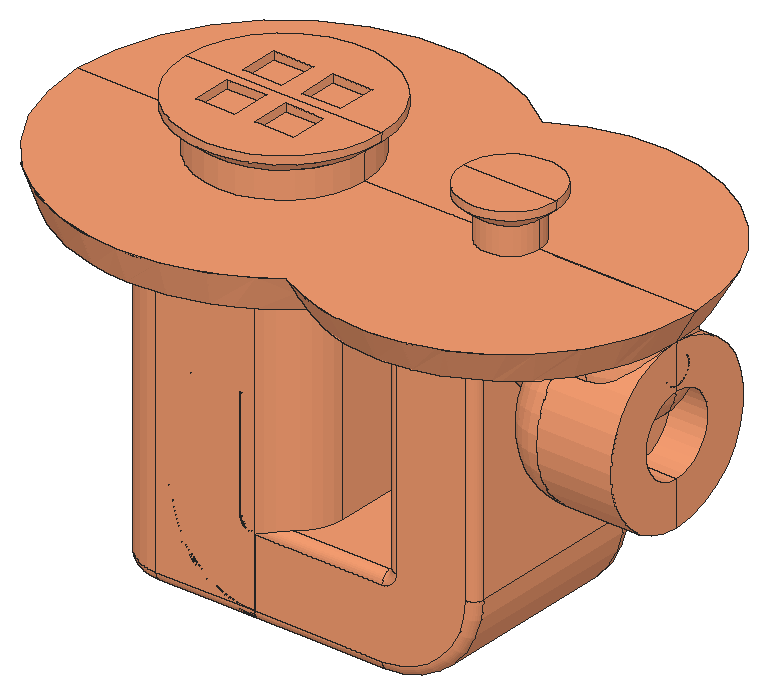
Revit family "Drain_Floor-JayR.Smith-Round_Type-2040-2041_Series", category Plumbing Fixtures, Revit 2019
Family settings
  Round Connector Dimension = Use Diameter
  Part Type = Normal
  OmniClass Number = 23.70.50.21.24.11
  OmniClass Title = Roof Waste Water Drains
  Work Plane-Based = Yes
  Always vertical = No
  Cut with Voids When Loaded = No
  Shared = Yes
  Room Calculation Point = No
Parameters (values of type "2040T02")
  Waste Connection = yes
  Vent Connection = no
  URL = "http://www.jrsmith.com"
  U - Vandal Proof Screw = no
  Type Comments = "DEEP TRAP WITH FLOOR CLEANOUT - SIDE OUTLET"  # constant formula
  Trap Primer Connection -P050 = no
  Radius 3 = 0.86404"
  Radius 2 = 1 1/4"
  Radius 1 = 1 1/8"
  R1 = 1/4"
  Product Page URL = "https://www.jrsmith.com/2020-floor-drains-adjustable-strainer-heads"
  Product Documentation Link = "https://www.jrsmith.com/uploads/fileLibrary/d2020.pdf"
  PB - Polished Bronze Strainer = no
  Offset 1 = 1 51/128"  # constant formula
  NB - Nickel Bronze Strainer = no
  Model = "2040T02"
  Material = "Cast Iron-Jay R Smith-Duco Coated"  # constant formula
  Manufacturer = "Jay R. Smith"  # constant formula
  MIN-X-MAX constraint = if([MIN-X-MAX] < 1 1/4", 1 1/4", if([MIN-X-MAX] > 2 1/2", 2 1/2", [MIN-X-MAX]))  # 1 1/4"
  MIN-X-MAX = 1 1/4"
  Low Auxiliary Inlet -NL = no
  Load Rating = "Light Duty having a Safe Live (Static) Load less than 2,000 lbs. (900 kg) per ASME A112.6.3 Floor Drain Standard"
  Installation Type = "Roof"
  High Auxiliary Inlet -NH = no
  HW Connection = no
  H - Hinged Grate = no
  G - Galvanized Cast Iron = no
  Finish = Cast Iron-Jay R Smith-Duco Coated
  Diameter = B  # 5"
  Description = "Floor Drains With Adjustable Strainer Heads and Varying Trap Options"  # constant formula
  Default Elevation = 0"
  Creation Date = "04/25/2023"  # constant formula
  Control 1 Length = 3"
  Connection Size = A  # 2"
  Connection Radius = Connection Size / 2  # 1"
  Connection Description = "2\" Threaded Outlet Connection"
  CW Connection = no
  CP - Chrome Plated Strainer = no
  Ball Float Backwater Valve -BFV = no
  BB-Bronze Body = no
  B - Sediment Bucket = no
  B = 5"
  Assembly Code = "D2040200"
  A = 2"
  "T" if Threaded and "S" if Spigot = 10"
Types (7): name | Radius 2 | Radius 1 | R1 | Model | MIN-X-MAX constraint | MIN-X-MAX | Diameter | Control 1 Length | Connection Size | Connection Radius | Connection Description | B | A | "T" if Threaded and "S" if Spigot
  (no name) | 1 1/4" | 1 1/8" | 1/4" | "2040T02" | 1 1/4" | 1 1/4" | 5" | 3" | 2" | 1" | "2\" Threaded Outlet Connection" | 5" | 2" | 10"
  2040T02 | 1 1/4" | 1 1/8" | 1/4" | "2040T02" | 1 1/4" | 1 1/4" | 5" | 3" | 2" | 1" | "2\" Threaded Outlet Connection" | 5" | 2" | 10"
  2040T03 | 1 1/2" | 1 1/4" | 1/4" | "2040T03" | 1 1/4" | 1 1/4" | 6" | 3" | 3" | 1 1/2" | "3\" Threaded Outlet Connection" | 6" | 3" | 10"
  2040T04 | 1 1/2" | 1 1/4" | 1" | "2040T04" | 1 1/2" | 1 1/2" | 8" | 3" | 4" | 2" | "4\" Threaded Outlet Connection" | 8" | 4" | 10"
  2041S02 | 1 1/4" | 1 1/8" | 1/4" | "2041S02" | 1 1/4" | 1 1/4" | 5" | 2 1/2" | 2" | 1" | "2\" Spigot Outlet Connection" | 5" | 2" | 13 3/4"
  2041S03 | 1 1/2" | 1 1/4" | 1/4" | "2041S03" | 1 1/4" | 1 1/4" | 6" | 2 1/2" | 3" | 1 1/2" | "3\" Spigot Outlet Connection" | 6" | 3" | 13 3/4"
  2041S04 | 1 3/4" | 1 1/4" | 1/4" | "2041S04" | 1 1/2" | 1 1/2" | 8" | 2 1/2" | 4" | 2" | "4\" Spigot Outlet Connection" | 8" | 4" | 13 3/4"
Reference planes (in)
  plane 1 "Center (Front/Back)": y = 0
  plane 2: z = 0
  plane 3 "Center (Left/Right)": x = 0
  plane 4: x = -2.5
  plane 5: x = 2.5
  plane 6: x = 5
  plane 7: x = 10
  plane 8: x = 10
  plane 9: z = -4.25
  plane 10: z = -10.5
  plane 11: z = -3.25
  plane 12: z = -5.25
  plane 13: z = -1.25
  plane 14: z = -9.375
  plane 15: z = -8.25
  plane 16: z = -2.75
  plane 17: x = 5.75
  plane 18: x = -5.25
  plane 19: y = -2.5
  plane 20: y = 2.5
  plane 21: y = 2.5
  plane 22: y = -2.5
Forms (in)
  Revolve 1, solid, material "Cast Iron-Jay R Smith-Duco Coated" <- "Finish"
    sketch origin (0, 0, 0) x (1, 0, 0) y (0, 0, 1)
      loop
        line (0, 0) -> (-2.5, 0) -> (-2.5, -0.2025) -> (-2.06591, -0.56149) -> (-2.06591, -1.25) -> (-5.24997, -1.25) -> (-4.92826, -2.13388) -> (0, -2.13388) -> (0, 0)
      axis (0, 0) -> (0, -2.13388)
    angle from 0 to 360
  Extrusion 2, void
    sketch origin (0, 0, 0) x (1, 0, 0) y (0, 1, 0)
      loop
        line (-1.25, 1.25) -> (-1.25, 0.25) -> (-0.25, 0.25) -> (-0.25, 1.25) -> (-1.25, 1.25)
      loop
        line (1.25, 1.25) -> (0.25, 1.25) -> (0.25, 0.25) -> (1.25, 0.25) -> (1.25, 1.25)
      loop
        line (-1.25, -1.25) -> (-0.25, -1.25) -> (-0.25, -0.25) -> (-1.25, -0.25) -> (-1.25, -1.25)
      loop
        line (1.25, -1.25) -> (1.25, -0.25) -> (0.25, -0.25) -> (0.25, -1.25) -> (1.25, -1.25)
    from -0.2025 to 0
  Revolve 3, solid, material "Cast Iron-Jay R Smith-Duco Coated" <- "Finish"
    sketch origin (0, 0, 0) x (1, 0, 0) y (0, 0, 1)
      loop
        arc (8.125, -2.13388) -> (7.3295, -2.46339) -> (7, -3.25888) r 1.125
        line (7, -3.25888) -> (7, -4.25) -> (10, -4.25) -> (10, -2.13388) -> (8.125, -2.13388)
      axis (7, -4.25) -> (10, -4.25)
    angle from 0 to 360
  Revolve 4, solid, material "Cast Iron-Jay R Smith-Duco Coated" <- "Finish"
    sketch origin (5.75, 0, 0) x (1, 0, 0) y (0, 0, 1)
      loop
        line (0, 0) -> (-1.18409, 0) -> (-1.18409, -0.2025) -> (-0.75, -0.56149) -> (-0.75, -1.25) -> (-4.75, -1.25) -> (-4.25, -2.13388) -> (0, -2.13388) -> (0, 0)
      axis (0, 0) -> (0, -2.13388)
    angle from 0 to 360
  Revolve 5, solid, material "Cast Iron-Jay R Smith-Duco Coated" <- "Finish"
    sketch origin (0, 0, 0) x (1, 0, 0) y (0, 0, 1)
      loop
        line (8.875, -1.25) -> (6.875, -1.25)
        arc (6.875, -1.25) -> (6.0795, -1.5795) -> (5.75, -2.375) r 1.125
        line (5.75, -2.375) -> (5.75, -2.75) -> (10, -2.75) -> (10, -2.375)
        arc (10, -2.375) -> (9.6705, -1.5795) -> (8.875, -1.25) r 1.125
      axis (10, -2.75) -> (5.75, -2.75)
    angle from 0 to 360
  Sweep 6, solid, material "Cast Iron-Jay R Smith-Duco Coated" <- "Finish"
    path origin (0, 0, 0) x (1, 0, 0) y (0, 0, 1)
      loop
        line (5.75, -2.13388) -> (5.75, -8.125)
        arc (5.75, -8.125) -> (5.38388, -9.00888) -> (4.5, -9.375) r 1.25
        line (4.5, -9.375) -> (1.25, -9.375)
        arc (1.25, -9.375) -> (0.36612, -9.00888) -> (0, -8.125) r 1.25
        line (0, -8.125) -> (0, -5.375)
    profile origin (5.75, 0, -5.12944) x (0, -1, 0) y (1, 0, 0)
      loop
        arc (-2.5, -0.875) -> (-2.42678, -1.05178) -> (-2.25, -1.125) r 0.25
        line (-2.25, -1.125) -> (2.25, -1.125)
        arc (2.25, -1.125) -> (2.42678, -1.05178) -> (2.5, -0.875) r 0.25
        line (2.5, -0.875) -> (2.5, 0.875)
        arc (2.5, 0.875) -> (2.42678, 1.05178) -> (2.25, 1.125) r 0.25
        line (2.25, 1.125) -> (-2.25, 1.125)
        arc (-2.25, 1.125) -> (-2.42678, 1.05178) -> (-2.5, 0.875) r 0.25
        line (-2.5, 0.875) -> (-2.5, -0.875)
  Sweep 7, solid, material "Cast Iron-Jay R Smith-Duco Coated" <- "Finish"
    path origin (0, 0, 0) x (1, 0, 0) y (0, 1, 0)
      loop
        arc (-2.5, -1.25) -> (-2.13388, -2.13388) -> (-1.25, -2.5) r 1.25
        line (-1.25, -2.5) -> (1.25, -2.5)
        arc (1.25, -2.5) -> (2.13388, -2.13388) -> (2.5, -1.25) r 1.25
        line (2.5, -1.25) -> (2.5, 1.25)
        arc (2.5, 1.25) -> (2.13388, 2.13388) -> (1.25, 2.5) r 1.25
        line (1.25, 2.5) -> (-1.25, 2.5)
        arc (-1.25, 2.5) -> (-2.13388, 2.13388) -> (-2.5, 1.25) r 1.25
        line (-2.5, 1.25) -> (-2.5, -1.25)
    profile origin (-2.5, 0, 0) x (-1, 0, 0) y (0, 0, 1)
      loop
        line (0, -2.13388) -> (-0.25, -2.13388) -> (-0.25, -10.21875) -> (-0.25, -10.5)
        arc (-0.25, -10.5) -> (-0.07322, -10.42678) -> (0, -10.25) r 0.25
        line (0, -10.25) -> (0, -2.13388)
  Extrusion 8, solid, material "Cast Iron-Jay R Smith-Duco Coated" <- "Finish"
    sketch origin (0, 0, 0) x (1, 0, 0) y (0, 1, 0)
      loop
        line (-2.25, 1.25) -> (-2.25, -1.25)
        arc (-2.25, -1.25) -> (-1.95711, -1.95711) -> (-1.25, -2.25) r 1
        line (-1.25, -2.25) -> (1.25, -2.25)
        arc (1.25, -2.25) -> (1.95711, -1.95711) -> (2.25, -1.25) r 1
        line (2.25, -1.25) -> (2.25, 1.25)
        arc (2.25, 1.25) -> (1.95711, 1.95711) -> (1.25, 2.25) r 1
        line (1.25, 2.25) -> (-1.25, 2.25)
        arc (-1.25, 2.25) -> (-1.95711, 1.95711) -> (-2.25, 1.25) r 1
    from -10.5 to -3.25
  Revolve 9, void
    sketch origin (0, 0, 0) x (1, 0, 0) y (0, 0, 1)
      loop
        line (10, -4.25) -> (10, -3.25) -> (9, -3.25) -> (9, -4.25) -> (10, -4.25)
      axis (10, -4.25) -> (9, -4.25)
    angle from 0 to 360
Cuts and joins
  Extrusion 2 cuts Revolve 1
  joined: Revolve 1, Revolve 4
  Revolve 9 cuts Revolve 3
Dimensions and locks (in)
  equal spacing: plane 5, plane 3 "Center (Left/Right)", plane 4
  "B": plane 5 to plane 4
  locked: plane 6 to plane 3 "Center (Left/Right)" at 5
  locked: plane 7 to plane 3 "Center (Left/Right)" at 10
  ""T" if Threaded and "S" if Spigot": plane 8 to plane 3 "Center (Left/Right)"
  locked: plane 9 to plane 10 at 6.25
  equal spacing: plane 11, plane 9, plane 12
  "A": plane 11 to plane 12
  "MIN-X-MAX constraint": level to plane 13
  locked: plane 13 to plane 9 at 3
  locked: Revolve 1 sketch curve to Revolve 1 sketch curve at 0.2025
  locked: plane 13 to Revolve 1 sketch curve at 0.88388
  Extrusion 2 sketch curve to Extrusion 2 sketch curve to plane 3 "Center (Left/Right)" to Extrusion 2 sketch curve to Extrusion 2 sketch curve = 1" locked, 1/4" locked, 1/4" locked, 1" locked  (x2)
  Extrusion 2 sketch curve to Extrusion 2 sketch curve to plane 1 "Center (Front/Back)" to Extrusion 2 sketch curve to Extrusion 2 sketch curve = 1" locked, 1/4" locked, 1/4" locked, 1" locked  (x2)
  locked: plane 9 to plane 15 at 4
  plane 15 to plane 10 = 2 1/4"
  equal spacing: plane 15, plane 14, plane 10
  equal spacing: plane 13, plane 16, plane 9
  locked: plane 17 to plane 3 "Center (Left/Right)" at 5.75
  locked: Revolve 1 sketch curve to plane 4 at 0.43409
  locked: Revolve 4 sketch curve to Revolve 4 sketch curve at 0.2025
  locked: plane 3 "Center (Left/Right)" to plane 18 at 5.25
  locked: Revolve 1 sketch curve to Revolve 1 sketch curve at 5.24997
  equal spacing: plane 19, plane 1 "Center (Front/Back)", plane 20
  locked: plane 19 to plane 20 at 5
  locked: Revolve 4 sketch curve to Revolve 4 sketch curve at 4.75
  locked: Revolve 4 sketch curve to Revolve 4 sketch curve at 4.25
  locked: Sweep 6 sketch curve to Sweep 6 sketch curve at 2.25
  equal spacing: Sweep 6 sketch curve, plane 17, Sweep 6 sketch curve
  "Diameter": Sweep 6 sketch curve to Sweep 6 sketch curve
  equal spacing: Sweep 6 sketch curve, profile plane, Sweep 6 sketch curve
  plane 20 to plane 19 = 5"
  plane 4 to plane 5 = 5"
  equal spacing: plane 21, plane 1 "Center (Front/Back)", plane 22
  "B": plane 21 to plane 22
  "Control 1 Length": plane 7 to Revolve 3 sketch curve
  "Connection Radius": Revolve 9 sketch curve to Revolve 9 sketch curve
  locked: Revolve 3 to Revolve 9 sketch curve at 1
  "Radius 1": radius of Revolve 5 sketch curve  (x2)
  "Radius 1": radius of Revolve 3 sketch curve
  "R1": radius of Sweep 6 sketch curve  (x4)
  "Radius 2": radius of Sweep 6 sketch curve  (x2)
  "Radius 2": radius of Sweep 7 sketch curve  (x4)
  radius of Sweep 6 sketch curve = 1 1/4"
  aligned and locked: plane 13 to Revolve 1 sketch curve
  aligned and locked: Revolve 1 sketch curve to plane 3 "Center (Left/Right)"
  aligned and locked: Extrusion 2 to cut or joined group of Revolve 1, Extrusion 2, Revolve 4  (x2)
  aligned and locked: Revolve 3 sketch curve to plane 8
  aligned and locked: plane 9 to Revolve 3 sketch curve
  aligned and locked: Revolve 4 sketch curve to plane 17  (x2)
  aligned and locked: plane 6 to Revolve 4 sketch curve
  aligned and locked: cut or joined group of Revolve 1, Extrusion 2, Revolve 4 to Revolve 4 sketch curve
  aligned and locked: cut or joined group of Revolve 1, Extrusion 2, Revolve 4 to Revolve 3 sketch curve
  aligned and locked: plane 16 to Revolve 5 sketch curve
  aligned and locked: Revolve 5 sketch curve to plane 16
  aligned and locked: Revolve 5 sketch curve to plane 17
  aligned and locked: plane 7 to Revolve 5 sketch curve
  aligned and locked: plane 13 to Revolve 5 sketch curve
  aligned and locked: Sweep 6 sketch curve to plane 17
  aligned and locked: cut or joined group of Revolve 1, Extrusion 2, Revolve 4 to Sweep 6 sketch curve
  aligned and locked: plane 4 to Sweep 7 sketch curve
  aligned and locked: Sweep 7 sketch curve to plane 22
  aligned and locked: plane 5 to Sweep 7 sketch curve
  aligned and locked: Sweep 7 sketch curve to plane 21
  aligned and locked: Sweep 7 sketch curve to plane 4
  aligned and locked: Sweep 6 sketch curve to plane 3 "Center (Left/Right)"
  aligned and locked: plane 10 to Sweep 7 sketch curve
  aligned and locked: Sweep 7 sketch curve to cut or joined group of Revolve 1, Extrusion 2, Revolve 4
  aligned and locked: Extrusion 8 sketch curve to Sweep 7  (x4)
  aligned and locked: Extrusion 8 to plane 10
  aligned and locked: plane 11 to Extrusion 8
  aligned and locked: Revolve 9 sketch curve to plane 9
  aligned and locked: Revolve 9 sketch curve to plane 8
  aligned and locked: plane 9 to Revolve 9 sketch curve
Automatic sketch dimensions
  Revolve 5 sketch curve to Revolve 5 sketch curve = 0.75476"
  Revolve 5 sketch curve to Revolve 5 sketch curve = 0.37024"
  Revolve 1 sketch curve to plane 4 = 0"
  Revolve 1 sketch curve to plane 3 "Center (Left/Right)" = 0"
  Revolve 1 sketch curve to level = 0"
  plane 18 to Revolve 1 sketch curve = 0.32174"
  Revolve 1 sketch curve to level = 0.56149"
  Revolve 1 sketch curve to plane 10 = 4 1/8"
  level to Revolve 1 sketch curve = 3.88966"
  Revolve 4 sketch curve to level = 0"
  Revolve 4 sketch curve to plane 13 = 0"
  plane 6 to Revolve 4 sketch curve = 0.43409"
  Revolve 4 sketch curve to level = 0.56149"
  Revolve 4 sketch curve to plane 10 = 4 1/8"
  level to Revolve 4 sketch curve = 3.88966"
  Sweep 7 sketch curve to Sweep 7 sketch curve = 1/32"
  profile plane to Sweep 7 sketch curve = 1/4"
  Revolve 9 sketch curve to plane 8 = 1 1/4"
  Revolve 9 sketch curve to plane 7 = 1/4"
  Revolve 3 sketch curve to plane 7 = 0"
  Revolve 3 sketch curve to plane 9 = 0"
  Revolve 3 sketch curve to Revolve 3 sketch curve = 3 3/4"
  Sweep 6 sketch curve to plane 14 = 0"
  plane 12 to Sweep 6 sketch curve = 1/8"
Connectors (in)
  piping at (10, 0, -4.25), diameter 2, driven by "Connection Size", driven by "Connection Description"
    settings: on Revolve 3, index 1, connector inside diameter 24", connector length 0", flow factor 0, pipe flow 0 GPM, pressure drop 0.00 psi, fitting loss kfactor 0, connector angle 0.00°, fixture units 0, engagement length 0", angle of deflection 0.00°, flow configuration 0, flow direction 2, fitting loss method 0, system type 16, joint type 0, gender type 0, connector reference index -1, connector utility 0, adjustable connector no, is connector primary yes, connector description "2\" Threaded Outlet Connection"
